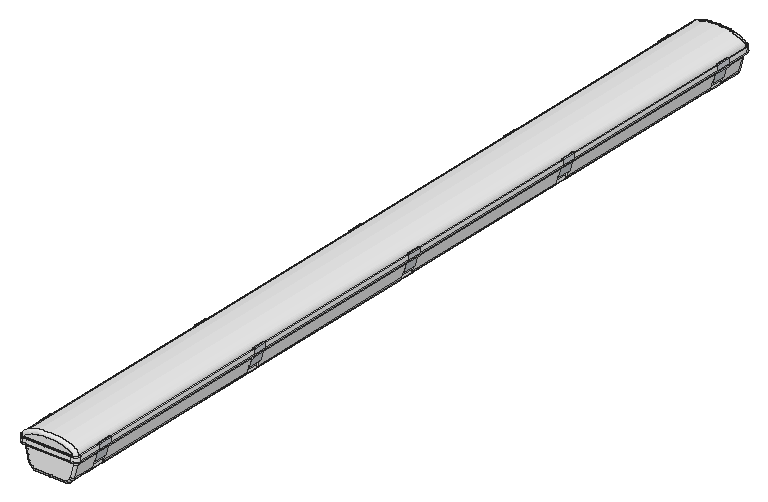
Revit family "0068047", category Lighting Fixtures, host Face, Revit 2017
Family settings
  Host = Face
  Round Connector Dimension = Use Diameter
  Part Type = Normal
  OmniClass Number = 23.80.70.11.14
  OmniClass Title = General Luminaries, Directional
  Cut with Voids When Loaded = No
  Light Source = Yes
  Shared = No
  Room Calculation Point = No
Parameters (values of type "0068047 ST WTRPRF T 1500 IP65 7100LM 840 SSC S")
  Width = 110 mm
  Weight = "kg"
  Wattage Comments = "n/a"
  Wattage = 60 W
  WarrantyStartDate [instance] = "n/a"
  WarrantyGuarantorParts = "n/a"
  WarrantyDurationUnit = "n/a"
  WarrantyDurationParts = "n/a"
  WarrantyDescription = "n/a"
  built-in parameter 1150110 = 1 (stored number, unit not read)
  Voltage = 220 V
  URL = "http://www.sylvania-lighting.com"
  TypeName = "START Waterproof Twin 1500 IP65 7100lm 840 SSC S"
  Type Image = <None>
  Type Comments = "n/a"
  built-in parameter 1114217 = 1 (stored number, unit not read)
  Tilt Angle = -90.00°
  built-in parameter 1150109 = 1 (stored number, unit not read)
  built-in parameter 1150134 = 12
  built-in parameter 1150113 = 1 (stored number, unit not read)
  SerialNumber [instance] = "n/a"
  ReflectorMaterial = none
  PowerFactor = 0
  PowerConsumption = "60 W"
  Photometric Web File = "0068047.ies"
  NominalWidth = 0 mm
  NominalLength = 1578 mm
  NominalHeight = 75 mm
  Name = "START Waterproof Twin 1500 IP65 7100lm 840 SSC S"
  ModelReference = "START Waterproof Twin 1500 IP65 7100lm 840 SSC S"
  ModelNumber = "0068047"
  Model = "START Waterproof Twin 1500 IP65 7100lm 840 SSC S"
  Material = "pc polycarbonate housing, pc polycarbonate diffuser"
  ManufacturerName = "Feilo Sylvania"
  Manufacturer = "Feilo Sylvania"
  LuminousEfficacy = "118 lm/W"
  built-in parameter 1150105 = 563.41 (stored number, unit not read)
  Lumens = 7080 lm
  LuminaireType = ""
  built-in parameter 1150115 = 1 (stored number, unit not read)
  LightOutputRatio = "n/a"
  built-in parameter 1150137 = (empty or 0)
  built-in parameter 1150139 = (empty or 0)
  Length = 1572 mm
  LampsType = Lamp  # "LED"
  LampNominalLuminous = "7100 lm"
  LampMacAdamStep = "5"
  LampColourTemperature = "4000 K"
  LampColourRenderingIndex = "80"
  built-in parameter 1150112 = 1 (stored number, unit not read)
  built-in parameter 1150114 = 1 (stored number, unit not read)
  Lamp = "LED"
  Keynote = "16500"
  InstallationDate [instance] = "n/a"
  InputVoltage = "220-240 V AC"
  InputNominalFrequency = "50/60 Hz"
  built-in parameter 1150132 = (empty or 0)
  built-in parameter 1150102 = (empty or 0)
  built-in parameter 1150107 = 4000 (stored number, unit not read)
  built-in parameter 1150138 = (empty or 0)
  IngressProtection = "IP65"
  ImpactProtectionIndex = "IK08"
  built-in parameter 1150106 = 5.6341 (stored number, unit not read)
  IfcExportType = "IfcLightFixtureType"
  IfcExportAs = "IfcLightFixtureType"
  ExpectedLife = 50000
  Emit from Rectangle Width = Width - 20 mm  # 90 mm
  Emit from Rectangle Length = Length - 20 mm  # 1552 mm
  Emit Shape Visible in Rendering = no
  ElectricShockClassification = "Class I"
  built-in parameter 1150104 = 10.963 (stored number, unit not read)
  DurationUnit = "hours"
  DocumentationLiterature = "http://www.sylvania-lighting.com/product/en-int/products/0068047"
  DimmingControlOptions = "n/a"
  Dimming Lamp Color Temperature Shift = <None>
  DiffuserMaterial = Diffuser-Sylvania-Transparent
  Description = ""
  Default Elevation = 1219.2 mm
  CreatedOn = "7/30/2019"
  CreatedBy = "@sylvania-lighting.com"
  Cost = 0
  Color Filter = 16777215
  built-in parameter 1114216 [instance] = (empty or 0)
  ClassificationValue = "EF_70_80"
  ClassificationName = "Uniclass2015"
  BodyMaterial = Body-Sylvania-Gray
  BarCode [instance] = "n/a"
  built-in parameter 1114218 = 1 (stored number, unit not read)
  built-in parameter 1150133 = 10 (stored number, unit not read)
  AssetType = "Fixed"
  AssetIdentifier [instance] = "n/a"
  Assembly Code = "D5020200"
  Apparent Load = 60 VA
  AccessoryMaterial = Diffuser-Sylvania-Glow
Reference planes
  plane 1 "Center (Front/Back)": y = 0
  plane 2: z = 0
  plane 3 "Center (Left/Right)": x = 0
  plane 4: z = 54
  plane 5: x = -27.7
  plane 6: x = -34.8
  plane 7: x = -39.6
  plane 8: x = -42.2
  plane 9: z = 3
  plane 10: z = 7.8
  plane 11: z = 12.3
  plane 12: z = 36.6
  plane 13: z = 42.8
  plane 14: x = -51.1
  plane 15: z = 46.2
  plane 16: x = -55
  plane 17: y = 786
  plane 18: y = -786
  plane 19: x = 27.7
  plane 20: x = 34.8
  plane 21: x = 39.6
  plane 22: x = 42.2
  plane 23: x = 51.1
  plane 24: x = 55
  plane 25: y = 778.4
  plane 26: y = -778.4
  plane 27: y = -774.7
  plane 28: y = 774.7
  plane 29: z = 74
  plane 30: x = -51.5
  plane 31: x = 51.5
  plane 32: z = 55.2
  plane 33: y = -782.5
  plane 34: y = 782.5
  plane 35: x = -37.5
  plane 36: x = 37.5
  plane 37: x = -48.7
  plane 38: x = 48.7
  plane 39: x = 18
  plane 40: x = -18
  plane 41: z = 50.2
  plane 42: z = 24.6
  plane 43: y = 720
  plane 44: y = 706
  plane 45: y = 734
  plane 46: y = -720
  plane 47: y = 720
  plane 48: y = 706
  plane 49: y = 734
  plane 50: y = -720
  plane 51: y = -734
  plane 52: y = -706
  plane 53: y = 360
  plane 54: y = 346
  plane 55: y = 374
  plane 56: y = 0
  plane 57: y = -14
  plane 58: y = 14
  plane 59: y = -360
  plane 60: y = -374
  plane 61: y = -346
Forms (mm)
  Sweep 1, solid, material "Body-Sylvania-Gray" <- "BodyMaterial", detail levels medium+fine
    path origin (1223.4, -4572, 54) x (0, -1, 0) y (1, 0, 0)
      loop
        arc (-3796, -1278.4) -> (-3788.929, -1275.471) -> (-3786, -1268.4) r 10
        line (-3786, -1268.4) -> (-3786, -1178.4)
        arc (-3786, -1178.4) -> (-3788.929, -1171.329) -> (-3796, -1168.4) r 10
        line (-3796, -1168.4) -> (-5348, -1168.4)
        arc (-5348, -1168.4) -> (-5355.071, -1171.329) -> (-5358, -1178.4) r 10
        line (-5358, -1178.4) -> (-5358, -1268.4)
        arc (-5358, -1268.4) -> (-5355.071, -1275.471) -> (-5348, -1278.4) r 10
        line (-5348, -1278.4) -> (-3796, -1278.4)
    profile origin (-55, 0, 54) x (-1, 0, 0) y (0, 0, 1)
      loop
        line (0, 0) -> (-1, 0) -> (-1, -7.726)
        arc (-1, -7.726) -> (-1.994, -9.498) -> (-3.9, -10.2) r 2.937
        line (-3.9, -10.2) -> (-8.571, -10.2) -> (-8.571, -11.2) -> (-3.9, -11.2)
        arc (-3.9, -11.2) -> (-1.313, -10.231) -> (0, -7.8) r 3.937
        line (0, -7.8) -> (0, 0)
  Sweep 2, solid, material "Body-Sylvania-Gray" <- "BodyMaterial", detail levels medium+fine
    path origin (0, 0, 0) x (1, 0, 0) y (0, 0, 1)
      loop
        line (48.7, 42.8) -> (48.7, 36.6) -> (42.203, 12.31)
        arc (42.203, 12.31) -> (41.199, 9.884) -> (39.6, 7.8) r 10.052
        line (39.6, 7.8) -> (34.8, 3)
        arc (34.8, 3) -> (31.554, 0.781) -> (27.7, 0) r 9.902
        line (27.7, 0) -> (0, 0) -> (-27.7, 0)
        arc (-27.7, 0) -> (-31.554, 0.781) -> (-34.8, 3) r 9.902
        line (-34.8, 3) -> (-39.6, 7.8)
        arc (-39.6, 7.8) -> (-41.199, 9.884) -> (-42.203, 12.31) r 10.052
        line (-42.203, 12.31) -> (-48.7, 36.6) -> (-48.7, 42.8)
    profile origin (0, 0, 0) x (0, 0, -1) y (0, -1, 0)
      loop
        arc (0, 773.4) -> (-1.464, 776.936) -> (-5, 778.4) r 5
        line (-5, 778.4) -> (-7.8, 778.4) -> (-7.8, -778.4) -> (-5, -778.4)
        arc (-5, -778.4) -> (-1.464, -776.936) -> (0, -773.4) r 5
        line (0, -773.4) -> (0, 773.4)
  Extrusion 3, solid, material "Body-Sylvania-Gray" <- "BodyMaterial", detail levels medium+fine
    sketch origin (1524, 778.4, 1219.2) x (1, 0, 0) y (0, 0, 1)
      loop
        arc (-1558.668, -1204.874) -> (-1558.443, -1205.418) -> (-1558.085, -1205.885) r 2.252
        line (-1558.085, -1205.885) -> (-1553.231, -1210.738)
        arc (-1553.231, -1210.738) -> (-1552.534, -1211.227) -> (-1551.7, -1211.4) r 2.102
        line (-1551.7, -1211.4) -> (-1496.3, -1211.4)
        arc (-1496.3, -1211.4) -> (-1495.466, -1211.227) -> (-1494.769, -1210.738) r 2.102
        line (-1494.769, -1210.738) -> (-1489.915, -1205.885)
        arc (-1489.915, -1205.885) -> (-1489.557, -1205.418) -> (-1489.332, -1204.874) r 2.252
        line (-1489.332, -1204.874) -> (-1483.1, -1181.575) -> (-1483.1, -1176.4) -> (-1564.9, -1176.4) -> (-1564.9, -1181.575) -> (-1558.668, -1204.874)
    from 0 to 1556.8
  Sweep 4, solid, material "Diffuser-Sylvania-Transparent" <- "DiffuserMaterial", detail levels medium+fine
    path origin (0, 0, 0) x (1, 0, 0) y (0, 0, 1)
      loop
        spline (-51.5, 55.2) -> (-49.745, 60.066) -> (-44.6, 64.6) -> (-36.416, 68.494) -> (-25.75, 71.481) -> (-13.329, 73.359) -> (0, 74) -> (13.329, 73.359) -> (25.75, 71.481) -> (36.416, 68.494) -> (44.6, 64.6) -> (49.745, 60.066) -> (51.5, 55.2)
    profile origin (51.5, 0, 55.2) x (0, -1, 0) y (1, 0, 0)
      loop
        arc (782.5, -5.5) -> (780.889, -1.611) -> (777, 0) r 5.5
        line (777, 0) -> (-777, 0)
        arc (-777, 0) -> (-780.889, -1.611) -> (-782.5, -5.5) r 5.5
        line (-782.5, -5.5) -> (-782.5, -6.3) -> (-781.5, -6.3) -> (-781.5, -5.5)
        arc (-781.5, -5.5) -> (-780.182, -2.318) -> (-777, -1) r 4.5
        line (-777, -1) -> (777, -1)
        arc (777, -1) -> (780.182, -2.318) -> (781.5, -5.5) r 4.5
        line (781.5, -5.5) -> (781.5, -6.347) -> (782.5, -6.347) -> (782.5, -5.5)
  Extrusion 5, solid, material "Diffuser-Sylvania-Transparent" <- "DiffuserMaterial", detail levels medium+fine
    sketch origin (1524, -782.5, 1219.2) x (1, 0, 0) y (0, 0, 1)
      loop
        line (-1569.653, -1164) -> (-1478.347, -1164)
        spline (-1478.347, -1164) -> (-1478.969, -1162.594) -> (-1482.527, -1159.545) -> (-1489.588, -1156.201) -> (-1499.458, -1153.445) -> (-1511.242, -1151.663) -> (-1524, -1151.049) -> (-1536.758, -1151.663) -> (-1548.542, -1153.445) -> (-1558.412, -1156.201) -> (-1565.473, -1159.545) -> (-1569.031, -1162.594) -> (-1569.653, -1164)
    from 0 to -1
  Extrusion 6, solid, material "Diffuser-Sylvania-Transparent" <- "DiffuserMaterial", detail levels medium+fine
    sketch origin (1524, 782.5, 1219.2) x (1, 0, 0) y (0, 0, 1)
      loop
        spline (-1478.3, -1164) -> (-1478.931, -1162.565) -> (-1482.502, -1159.505) -> (-1489.572, -1156.155) -> (-1499.446, -1153.394) -> (-1511.236, -1151.614) -> (-1524, -1151.007) -> (-1536.764, -1151.614) -> (-1548.554, -1153.394) -> (-1558.428, -1156.155) -> (-1565.498, -1159.505) -> (-1569.069, -1162.565) -> (-1569.7, -1164)
        line (-1569.7, -1164) -> (-1478.3, -1164)
    from 0 to 1
  Extrusion 7, solid, material "Diffuser-Sylvania-Transparent" <- "DiffuserMaterial", detail levels medium+fine
    sketch origin (1223.4, -4572, 55.2) x (0, -1, 0) y (-1, 0, 0)
      loop
        arc (-5353.5, 1177.4) -> (-5352.182, 1174.218) -> (-5349, 1172.9) r 4.5
        line (-5349, 1172.9) -> (-3795, 1172.9)
        arc (-3795, 1172.9) -> (-3791.818, 1174.218) -> (-3790.5, 1177.4) r 4.5
        line (-3790.5, 1177.4) -> (-3790.5, 1269.4)
        arc (-3790.5, 1269.4) -> (-3791.818, 1272.582) -> (-3795, 1273.9) r 4.5
        line (-3795, 1273.9) -> (-5349, 1273.9)
        arc (-5349, 1273.9) -> (-5352.182, 1272.582) -> (-5353.5, 1269.4) r 4.5
        line (-5353.5, 1269.4) -> (-5353.5, 1177.4)
      loop
        line (-5358, 1268.4) -> (-5358, 1178.4)
        arc (-5358, 1178.4) -> (-5355.071, 1171.329) -> (-5348, 1168.4) r 10
        line (-5348, 1168.4) -> (-3796, 1168.4)
        arc (-3796, 1168.4) -> (-3788.929, 1171.329) -> (-3786, 1178.4) r 10
        line (-3786, 1178.4) -> (-3786, 1268.4)
        arc (-3786, 1268.4) -> (-3788.929, 1275.471) -> (-3796, 1278.4) r 10
        line (-3796, 1278.4) -> (-5348, 1278.4)
        arc (-5348, 1278.4) -> (-5355.071, 1275.471) -> (-5358, 1268.4) r 10
    from 0 to 1.2
  Extrusion 8, solid, material "Diffuser-Sylvania-Glow" <- "AccessoryMaterial", detail levels fine
    sketch origin (0, 0, 0) x (1, 0, 0) y (0, 0, 1)
      loop
        circle (-18, 50.2) r 8
      loop
        circle (18, 50.2) r 8
    from -774.7 to 774.7
  Extrusion 9, void
    sketch origin (0, 720, 2343.807) x (0, 0, -1) y (-1, 0, 0)
      loop
        line (2340.807, -37.5) -> (2331.507, -37.5) -> (2319.207, -42.2) -> (2319.207, -48.7) -> (2340.807, -48.7) -> (2340.807, -37.5)
      loop
        line (2340.807, 37.5) -> (2340.807, 48.7) -> (2319.207, 48.7) -> (2319.207, 42.2) -> (2331.507, 37.5) -> (2340.807, 37.5)
    from -14 to 14
  Extrusion 10, solid, material "Body-Sylvania-Gray" <- "BodyMaterial", detail levels coarse
    sketch origin (0, 0, 0) x (1, 0, 0) y (0, 0, 1)
      loop
        line (55, 42.8) -> (55, 55.2) -> (-55, 55.2) -> (-55, 42.791) -> (-42.2, 0) -> (42.2, 0) -> (55, 42.8)
    from -786 to 786
  Extrusion 11, solid, material "Diffuser-Sylvania-Transparent" <- "DiffuserMaterial", detail levels coarse
    sketch origin (0, 0, 0) x (1, 0, 0) y (0, 0, 1)
      loop
        arc (51.5, 55.2) -> (0, 74) -> (-51.5, 55.2) r 79.939
        line (-51.5, 55.2) -> (51.5, 55.2)
    from 778.4 to -778.4
  Extrusion 12, void, not visible
    sketch origin (0, 720, 2343.807) x (0, 0, -1) y (-1, 0, 0)
      loop
        line (2340.807, -37.5) -> (2331.507, -37.5) -> (2319.207, -42.2) -> (2319.207, -48.7) -> (2340.807, -48.7) -> (2340.807, -37.5)
      loop
        line (2340.807, 37.5) -> (2340.807, 48.7) -> (2319.207, 48.7) -> (2319.207, 42.2) -> (2331.507, 37.5) -> (2340.807, 37.5)
    from -14 to 14
  Extrusion 13, void
    sketch origin (0, -720, 2343.807) x (0, 0, -1) y (-1, 0, 0)
      loop
        line (2340.807, -37.5) -> (2331.507, -37.5) -> (2319.207, -42.2) -> (2319.207, -48.7) -> (2340.807, -48.7) -> (2340.807, -37.5)
      loop
        line (2340.807, 37.5) -> (2340.807, 48.7) -> (2319.207, 48.7) -> (2319.207, 42.2) -> (2331.507, 37.5) -> (2340.807, 37.5)
    from -14 to 14
  Extrusion 14, void
    sketch origin (0, 360, 2343.807) x (0, 0, -1) y (-1, 0, 0)
      loop
        line (2340.807, -37.5) -> (2331.507, -37.5) -> (2319.207, -42.2) -> (2319.207, -48.7) -> (2340.807, -48.7) -> (2340.807, -37.5)
      loop
        line (2340.807, 37.5) -> (2340.807, 48.7) -> (2319.207, 48.7) -> (2319.207, 42.2) -> (2331.507, 37.5) -> (2340.807, 37.5)
    from -14 to 14
  Extrusion 15, void
    sketch origin (0, 0, 2343.807) x (0, 0, -1) y (-1, 0, 0)
      loop
        line (2340.807, -37.5) -> (2331.507, -37.5) -> (2319.207, -42.2) -> (2319.207, -48.7) -> (2340.807, -48.7) -> (2340.807, -37.5)
      loop
        line (2340.807, 37.5) -> (2340.807, 48.7) -> (2319.207, 48.7) -> (2319.207, 42.2) -> (2331.507, 37.5) -> (2340.807, 37.5)
    from -14 to 14
  Extrusion 16, void
    sketch origin (0, -360, 2343.807) x (0, 0, -1) y (-1, 0, 0)
      loop
        line (2340.807, -37.5) -> (2331.507, -37.5) -> (2319.207, -42.2) -> (2319.207, -48.7) -> (2340.807, -48.7) -> (2340.807, -37.5)
      loop
        line (2340.807, 37.5) -> (2340.807, 48.7) -> (2319.207, 48.7) -> (2319.207, 42.2) -> (2331.507, 37.5) -> (2340.807, 37.5)
    from -14 to 14
Cuts and joins
  Extrusion 9, Extrusion 13, Extrusion 14, Extrusion 15, Extrusion 16 cuts Sweep 2
  Extrusion 13, Extrusion 14, Extrusion 15, Extrusion 16 cuts Extrusion 3
  joined: Sweep 2, Extrusion 3
  joined: Sweep 4, Extrusion 5, Extrusion 6
Dimensions and locks
  locked: plane 4 to plane 2 at 54
  plane 5 to plane 6 to plane 7 to plane 8 to plane 14 to plane 16 = 7.1 mm locked, 4.8 mm locked, 2.6 mm locked, 8.9 mm, 3.9 mm
  plane 4 to plane 15 to plane 13 to plane 12 to plane 11 to plane 10 to plane 9 = 7.8 mm locked, 3.4 mm, 6.2 mm locked, 24.3 mm locked, 4.5 mm locked, 4.8 mm locked
  equal spacing: plane 18, plane 1 "Center (Front/Back)", plane 17
  "Length": plane 18 to plane 17
  plane 19 to plane 20 to plane 21 to plane 22 to plane 23 to plane 24 = 7.1 mm locked, 4.8 mm locked, 2.6 mm locked, 8.9 mm, 3.9 mm
  equal spacing: plane 24, plane 3 "Center (Left/Right)", plane 16
  "Width": plane 24 to plane 16
  equal spacing: plane 27, plane 1 "Center (Front/Back)", plane 28
  locked: plane 26 to plane 27 at 3.7
  locked: Sweep 1 sketch curve to profile plane at 1
  locked: Sweep 1 sketch curve to plane 13 at 1
  locked: Sweep 1 sketch curve to plane 13 at 3.937  (x2)
  locked: Sweep 1 sketch curve to profile plane at 3.9  (x2)
  locked: plane 29 to plane 4 at 20
  equal spacing: plane 31, plane 3 "Center (Left/Right)", plane 30
  locked: plane 30 to plane 16 at 3.5
  locked: plane 32 to plane 4 at 1.2
  equal spacing: plane 33, plane 1 "Center (Front/Back)", plane 34
  equal spacing: plane 36, plane 3 "Center (Left/Right)", plane 35
  locked: plane 3 "Center (Left/Right)" to plane 35 at 37.5
  locked: plane 34 to plane 17 at 3.5
  equal spacing: plane 38, plane 3 "Center (Left/Right)", plane 37
  locked: plane 37 to plane 16 at 6.3
  equal spacing: plane 25, plane 1 "Center (Front/Back)", plane 26
  locked: plane 17 to plane 25 at 7.6
  locked: Sweep 2 sketch curve to plane 2 at 5  (x2)
  locked: Sweep 2 sketch curve to plane 26 at 5
  locked: plane 25 to Sweep 2 sketch curve at 5
  locked: Sweep 4 sketch curve to plane 31 at 5.5  (x2)
  locked: Sweep 4 sketch curve to plane 34 at 5.5
  plane 33 to Sweep 4 sketch curve = 5.5 mm
  locked: plane 34 to Sweep 4 sketch curve at 1
  locked: Sweep 4 sketch curve to plane 31 at 1
  locked: Sweep 4 sketch curve to Sweep 4 sketch curve at 1
  locked: Sweep 4 sketch curve to plane 31 at 6.347
  locked: Sweep 4 sketch curve to plane 31 at 6.3
  equal spacing: plane 39, plane 3 "Center (Left/Right)", plane 40
  locked: plane 3 "Center (Left/Right)" to plane 40 at 18
  locked: plane 42 to plane 2 at 24.6
  plane 45 to plane 43 to plane 44 = 14 mm locked, 14 mm locked
  locked: plane 17 to plane 43 at 66
  equal spacing: plane 43, plane 1 "Center (Front/Back)", plane 46
  plane 49 to plane 47 to plane 48 = 14 mm locked, 14 mm locked
  plane 52 to plane 50 to plane 51 = 14 mm locked, 14 mm locked  (x2)
  equal spacing: group 1, group 6, group 7, group 8, group 5  (x2)
  equal spacing: group 5, group 8, group 7, group 6, group 1
  plane 55 to plane 53 to plane 54 = 14 mm locked, 14 mm locked  (x2)
  plane 58 to plane 56 to plane 57 = 14 mm locked, 14 mm locked  (x2)
  plane 61 to plane 59 to plane 60 = 14 mm locked, 14 mm locked  (x2)
  plane 43 to plane 53 to plane 1 "Center (Front/Back)" to plane 59 to plane 50 = 360 mm locked, 360 mm locked, 360 mm locked, 360 mm locked
  aligned and locked: plane 2 to host face
  aligned and locked: level to host face
  aligned and locked: plane 16 to Sweep 1 sketch curve
  aligned and locked: Sweep 1 sketch curve to plane 24
  aligned and locked: plane 18 to Sweep 1 sketch curve
  aligned and locked: Sweep 1 sketch curve to plane 13
  aligned and locked: profile plane to Sweep 1 sketch curve
  aligned and locked: plane 3 "Center (Left/Right)" to Sweep 2 sketch curve
  aligned and locked: plane 9 to Sweep 2 sketch curve
  aligned and locked: plane 10 to Sweep 2 sketch curve
  aligned and locked: plane 37 to Sweep 2 sketch curve
  aligned and locked: plane 12 to Sweep 2 sketch curve
  aligned and locked: Sweep 2 sketch curve to level
  aligned and locked: plane 21 to Sweep 2 sketch curve
  aligned and locked: plane 38 to Sweep 2 sketch curve
  aligned and locked: profile plane to Sweep 2 sketch curve
  aligned and locked: plane 25 to Sweep 2 sketch curve
  aligned and locked: Sweep 2 sketch curve to plane 10
  aligned and locked: Extrusion 3 sketch curve to Sweep 2  (x7)
  aligned and locked: Sweep 2 to Extrusion 3 sketch curve
  aligned and locked: Extrusion 3 to plane 25
  aligned and locked: plane 26 to Extrusion 3
  aligned and locked: plane 32 to Sweep 4 sketch curve
  aligned and locked: plane 33 to Sweep 4 sketch curve
  aligned and locked: Sweep 4 to Extrusion 5
  aligned and locked: plane 33 to Extrusion 5
  aligned and locked: Extrusion 5 sketch curve to Sweep 4
  aligned and locked: cut or joined group of Sweep 4, Extrusion 5, Extrusion 6 to Extrusion 6 sketch curve
  aligned and locked: Extrusion 7 sketch curve to cut or joined group of Sweep 4, Extrusion 5, Extrusion 6  (x2)
  aligned and locked: cut or joined group of Sweep 4, Extrusion 5, Extrusion 6 to Extrusion 7 sketch curve  (x2)
  aligned and locked: plane 41 to Extrusion 8 sketch curve  (x2)
  aligned and locked: plane 39 to Extrusion 8 sketch curve
  aligned and locked: plane 27 to Extrusion 8
  aligned and locked: Extrusion 8 to plane 28
  aligned and locked: Extrusion 9 to plane 42
  aligned and locked: plane 9 to Extrusion 9
  aligned and locked: plane 44 to Extrusion 9
  aligned and locked: Extrusion 9 to plane 45
  aligned and locked: Extrusion 7 sketch curve to Sweep 1  (x4)
  aligned and locked: plane 4 to Extrusion 7
  aligned and locked: Extrusion 7 to plane 32
  aligned and locked: nested 2 to plane 43
  aligned and locked: plane 43 to nested 1
  aligned and locked: Extrusion 10 sketch curve to plane 24
  aligned and locked: Extrusion 10 sketch curve to Extrusion 7
  aligned and locked: plane 8 to Extrusion 10 sketch curve
  aligned and locked: plane 22 to Extrusion 10 sketch curve
  aligned and locked: level to Extrusion 10 sketch curve
  aligned and locked: Extrusion 10 to plane 17
  aligned and locked: plane 18 to Extrusion 10
  aligned and locked: cut or joined group of Sweep 4, Extrusion 5, Extrusion 6 to Extrusion 11 sketch curve
  aligned and locked: Extrusion 11 sketch curve to cut or joined group of Sweep 4, Extrusion 5, Extrusion 6  (x2)
  aligned and locked: plane 31 to Extrusion 11 sketch curve
  aligned and locked: plane 30 to Extrusion 11 sketch curve
  aligned and locked: plane 26 to Extrusion 11
  aligned and locked: Extrusion 11 to plane 25
  aligned and locked: imposter light to plane 29
  aligned and locked: plane 3 "Center (Left/Right)" to imposter light
  aligned and locked: plane 1 "Center (Front/Back)" to imposter light
  aligned and locked: plane 51 to Extrusion 13
  aligned and locked: Extrusion 13 to plane 52
  aligned and locked: plane 54 to Extrusion 14
  aligned and locked: Extrusion 14 to plane 55
  aligned and locked: plane 57 to Extrusion 15
  aligned and locked: Extrusion 15 to plane 58
  aligned and locked: plane 60 to Extrusion 16
  aligned and locked: Extrusion 16 to plane 61
  aligned and locked: nested 3 to plane 53
  aligned and locked: plane 53 to nested 10
  aligned and locked: nested 4 to plane 56
  aligned and locked: plane 56 to nested 9
  aligned and locked: nested 5 to plane 59
  aligned and locked: plane 59 to nested 8
  aligned and locked: nested 6 to plane 50
  aligned and locked: plane 50 to nested 7
Automatic sketch dimensions
  host sketch curve to host sketch curve = 2438.4 mm  (x2)
  plane 17 to Sweep 1 sketch curve = 0 mm
  Sweep 1 sketch curve to plane 28 = 1.3 mm
  Sweep 1 sketch curve to plane 7 = 5.4 mm
  plane 27 to Sweep 1 sketch curve = 1.3 mm  (x2)
  Sweep 1 sketch curve to Sweep 1 sketch curve = 4.671 mm
  Sweep 1 sketch curve to plane 4 = 0 mm
  Sweep 2 sketch curve to plane 7 = 0 mm
  Sweep 2 sketch curve to plane 6 = 0 mm
  Sweep 2 sketch curve to plane 5 = 0 mm
  plane 19 to Sweep 2 sketch curve = 0 mm
  Sweep 2 sketch curve to plane 9 = 0 mm
  plane 20 to Sweep 2 sketch curve = 0 mm
  Sweep 2 sketch curve to plane 12 = 0 mm
  Sweep 2 sketch curve to plane 10 = 0 mm
  Sweep 2 sketch curve to plane 13 = 0 mm  (x2)
  Sweep 2 sketch curve to plane 8 = 0.003 mm
  plane 6 to Sweep 2 sketch curve = 2.308 mm
  plane 20 to Sweep 2 sketch curve = 2.308 mm
  Sweep 2 sketch curve to plane 22 = 0.003 mm
  Sweep 2 sketch curve to plane 11 = 0.01 mm  (x2)
  Extrusion 3 sketch curve to plane 5 = 0 mm
  plane 19 to Extrusion 3 sketch curve = 0 mm
  plane 6 to Extrusion 3 sketch curve = 0.132 mm
  plane 6 to Extrusion 3 sketch curve = 0.715 mm
  Extrusion 3 sketch curve to Extrusion 3 sketch curve = 1.592 mm
  Extrusion 3 sketch curve to plane 10 = 0.662 mm  (x2)
  plane 20 to Extrusion 3 sketch curve = 2.308 mm
  plane 20 to Extrusion 3 sketch curve = 0.715 mm
  plane 20 to Extrusion 3 sketch curve = 0.132 mm
  Sweep 4 sketch curve to plane 30 = 0 mm
  Sweep 4 sketch curve to plane 3 "Center (Left/Right)" = 0 mm
  Sweep 4 sketch curve to Sweep 4 sketch curve = 0 mm  (x2)
  plane 37 to Extrusion 5 sketch curve = 3.047 mm
  Extrusion 5 sketch curve to plane 38 = 3.047 mm
  plane 37 to Extrusion 6 sketch curve = 3 mm
  Extrusion 6 sketch curve to plane 38 = 3 mm
  plane 25 to Extrusion 7 sketch curve = 1.4 mm  (x2)
  Extrusion 7 sketch curve to plane 26 = 1.4 mm  (x2)
  Extrusion 8 sketch curve to plane 40 = 0 mm
  Extrusion 9 sketch curve to Extrusion 9 sketch curve = 0 mm
  Extrusion 9 sketch curve to Extrusion 9 sketch curve = 12.3 mm  (x2)
  Extrusion 9 sketch curve to Extrusion 9 sketch curve = 9.3 mm  (x2)
  Extrusion 9 sketch curve to Extrusion 9 sketch curve = 6.5 mm
  Extrusion 9 sketch curve to Extrusion 9 sketch curve = 4.7 mm  (x2)
  Extrusion 9 sketch curve to Extrusion 9 sketch curve = 75 mm
  Extrusion 9 sketch curve to Extrusion 9 sketch curve = 11.2 mm
  Extrusion 10 sketch curve to plane 13 = 0 mm
  plane 13 to Extrusion 10 sketch curve = 0.009 mm
  Extrusion 11 sketch curve to level = 5.939 mm
  Extrusion 10 sketch curve to plane 16 = 0 mm
  Extrusion 12 sketch curve to Extrusion 12 sketch curve = 0 mm
  Extrusion 12 sketch curve to Extrusion 12 sketch curve = 12.3 mm  (x2)
  Extrusion 12 sketch curve to Extrusion 12 sketch curve = 9.3 mm  (x2)
  Extrusion 12 sketch curve to Extrusion 12 sketch curve = 6.5 mm
  Extrusion 12 sketch curve to Extrusion 12 sketch curve = 4.7 mm  (x2)
  Extrusion 12 sketch curve to Extrusion 12 sketch curve = 75 mm
  Extrusion 12 sketch curve to Extrusion 12 sketch curve = 11.2 mm
  Extrusion 13 sketch curve to Extrusion 13 sketch curve = 0 mm
  Extrusion 13 sketch curve to Extrusion 13 sketch curve = 12.3 mm  (x2)
  Extrusion 13 sketch curve to Extrusion 13 sketch curve = 9.3 mm  (x2)
  Extrusion 13 sketch curve to Extrusion 13 sketch curve = 6.5 mm
  Extrusion 13 sketch curve to Extrusion 13 sketch curve = 4.7 mm  (x2)
  Extrusion 13 sketch curve to Extrusion 13 sketch curve = 75 mm
  Extrusion 13 sketch curve to Extrusion 13 sketch curve = 11.2 mm
  Extrusion 14 sketch curve to Extrusion 14 sketch curve = 0 mm
  Extrusion 14 sketch curve to Extrusion 14 sketch curve = 12.3 mm  (x2)
  Extrusion 14 sketch curve to Extrusion 14 sketch curve = 9.3 mm  (x2)
  Extrusion 14 sketch curve to Extrusion 14 sketch curve = 6.5 mm
  Extrusion 14 sketch curve to Extrusion 14 sketch curve = 4.7 mm  (x2)
  Extrusion 14 sketch curve to Extrusion 14 sketch curve = 75 mm
  Extrusion 14 sketch curve to Extrusion 14 sketch curve = 11.2 mm
  Extrusion 15 sketch curve to Extrusion 15 sketch curve = 0 mm
  Extrusion 15 sketch curve to Extrusion 15 sketch curve = 12.3 mm  (x2)
  Extrusion 15 sketch curve to Extrusion 15 sketch curve = 9.3 mm  (x2)
  Extrusion 15 sketch curve to Extrusion 15 sketch curve = 6.5 mm
  Extrusion 15 sketch curve to Extrusion 15 sketch curve = 4.7 mm  (x2)
  Extrusion 15 sketch curve to Extrusion 15 sketch curve = 75 mm
  Extrusion 15 sketch curve to Extrusion 15 sketch curve = 11.2 mm
  Extrusion 16 sketch curve to Extrusion 16 sketch curve = 0 mm
  Extrusion 16 sketch curve to Extrusion 16 sketch curve = 12.3 mm  (x2)
  Extrusion 16 sketch curve to Extrusion 16 sketch curve = 9.3 mm  (x2)
  Extrusion 16 sketch curve to Extrusion 16 sketch curve = 6.5 mm
  Extrusion 16 sketch curve to Extrusion 16 sketch curve = 4.7 mm  (x2)
  Extrusion 16 sketch curve to Extrusion 16 sketch curve = 75 mm
  Extrusion 16 sketch curve to Extrusion 16 sketch curve = 11.2 mm
  radius of Extrusion 8 sketch curve = 8 mm  (x2)
Nested families
  nested 1: "Clip" at (42.2, 720, 24.6), type "Clip", detail levels fine
  nested 2: "Clip" at (-42.2, 720, 24.6) x (-1, 0, 0) z (0, 0, 1), type "Clip", detail levels fine
  nested 3: "Clip" at (-42.2, 360, 24.6) x (-1, 0, 0) z (0, 0, 1), type "Clip", detail levels fine
  nested 4: "Clip" at (-42.2, 0, 24.6) x (-1, 0, 0) z (0, 0, 1), type "Clip", detail levels fine
  nested 5: "Clip" at (-42.2, -360, 24.6) x (-1, 0, 0) z (0, 0, 1), type "Clip", detail levels fine
  nested 6: "Clip" at (-42.2, -720, 24.6) x (-1, 0, 0) z (0, 0, 1), type "Clip", detail levels fine
  nested 7: "Clip" at (42.2, -720, 24.6), type "Clip", detail levels fine
  nested 8: "Clip" at (42.2, -360, 24.6), type "Clip", detail levels fine
  nested 9: "Clip" at (42.2, 0, 24.6), type "Clip", detail levels fine
  nested 10: "Clip" at (42.2, 360, 24.6), type "Clip", detail levels fine
Connectors
  electrical at (0, 0, 0), driven by "Apparent Load"
    settings: index 1, voltage 230 V, apparent load 60 VA, apparent load phase1 0 VA, apparent load phase2 0 VA, apparent load phase3 0 VA, power factor 0, load classification "Lighting", number of poles 1, system type 30, power factor state 1, is connector primary yes, connector utility no, sub classification motor no, connector description ""
Definition of nested family "Clip"
  Parameters (values of type "Clip")
    URL = "http://www.feilosylvania.com"
    Type Comments = "n/a"
    Model = "n/a"
    Manufacturer = "Feilo Sylvania"
    Keynote = "n/a"
    Description = "n/a"
    Default Elevation = 1219.2 mm
    Cost = 0
    BodyMaterial = none
    Assembly Code = "n/a"
  Reference planes
    plane 1 "Center (Front/Back)": y = 0
    plane 2: z = 0
    plane 3 "Center (Left/Right)": x = 0
    plane 4: x = 3.3
    plane 5: x = 6.5
    plane 6: x = 8.9
    plane 7: x = 12.8
    plane 8: z = 12
    plane 9: z = 18.2
    plane 10: z = 21.6
    plane 11: z = 30.6
    plane 12: x = 9.3
    plane 13: z = 19.2
    plane 14: z = 16.2
    plane 15: x = 10.1
    plane 16: y = 12
    plane 17: y = -12
  Forms (mm)
    Extrusion 1, solid
      sketch origin (-0.8, 0, 0) x (1, 0, 0) y (0, 1, 0)
        loop
          line (-1219.2, 1219.2) -> (-1219.2, -1219.2) -> (1219.2, -1219.2) -> (1219.2, 1219.2) -> (-1219.2, 1219.2)
      from 0 to -304.8
    Extrusion 2, solid
      sketch origin (0, 0, 0) x (1, 0, 0) y (0, 0, 1)
        loop
          line (8.9, 16.2) -> (4.58, 0) -> (0, 0) -> (0, -0.8) -> (5.195, -0.8) -> (9.603, 15.731) -> (13.6, 18.806) -> (13.6, 30.6)
          arc (13.6, 30.6) -> (11.45, 32.75) -> (9.3, 30.6) r 2.15
          line (9.3, 30.6) -> (10.1, 30.6)
          arc (10.1, 30.6) -> (11.45, 31.95) -> (12.8, 30.6) r 1.35
          line (12.8, 30.6) -> (12.8, 19.2) -> (8.9, 16.2)
      from -12 to 12
  Lines and regions (mm)
    reference lines
      curve 1: line (3.3, 0, 0) -> (6.5, 0, 12)
      curve 2: arc (8.9, 0, 18.2) -> (11.488, 0, 19.169) -> (12.8, 0, 21.6) r 3.934
  Dimensions and locks
    plane 7 to plane 6 to plane 5 to plane 4 to plane 3 "Center (Left/Right)" = 3.9 mm locked, 2.4 mm locked, 3.2 mm locked, 3.3 mm locked
    plane 11 to plane 10 to plane 9 to plane 8 to plane 2 = 9 mm locked, 3.4 mm locked, 6.2 mm locked, 12 mm locked
    locked: plane 7 to plane 12 at 3.5
    locked: plane 13 to plane 9 at 1
    locked: plane 9 to plane 14 at 2
    locked: plane 15 to plane 12 at 0.8
    locked: plane 2 to Extrusion 2 sketch curve at 0.8
    locked: Extrusion 2 sketch curve to Extrusion 2 sketch curve at 0.8  (x3)
    locked: plane 7 to Extrusion 2 sketch curve at 1.35
    equal spacing: plane 17, plane 1 "Center (Front/Back)", plane 16
    locked: plane 1 "Center (Front/Back)" to plane 16 at 12
    aligned and locked: plane 2 to Extrusion 1
    aligned and locked: level to Extrusion 1
    aligned and locked: plane 4 to curve 1
    aligned and locked: plane 5 to curve 1
    aligned and locked: plane 6 to curve 2
    aligned and locked: plane 10 to curve 2
    aligned and locked: plane 14 to Extrusion 2 sketch curve
    aligned and locked: plane 13 to Extrusion 2 sketch curve
    aligned and locked: plane 7 to Extrusion 2 sketch curve
    aligned and locked: plane 3 "Center (Left/Right)" to Extrusion 2 sketch curve
    aligned and locked: Extrusion 2 sketch curve to level
    aligned and locked: Extrusion 2 sketch curve to plane 11
    aligned and locked: plane 11 to Extrusion 2 sketch curve
    aligned and locked: Extrusion 2 to plane 16
    aligned and locked: plane 17 to Extrusion 2
  Automatic sketch dimensions
    Extrusion 1 sketch curve to Extrusion 1 sketch curve = 2438.4 mm  (x2)
    curve 2 to plane 7 = 0 mm
    curve 1 to level = 0 mm
    curve 1 to plane 8 = 0 mm
    curve 2 to plane 9 = 0 mm
    plane 6 to curve 2 = 0.002 mm
    Extrusion 2 sketch curve to Extrusion 2 sketch curve = 0 mm
    Extrusion 2 sketch curve to plane 6 = 0 mm
    plane 4 to Extrusion 2 sketch curve = 1.28 mm
